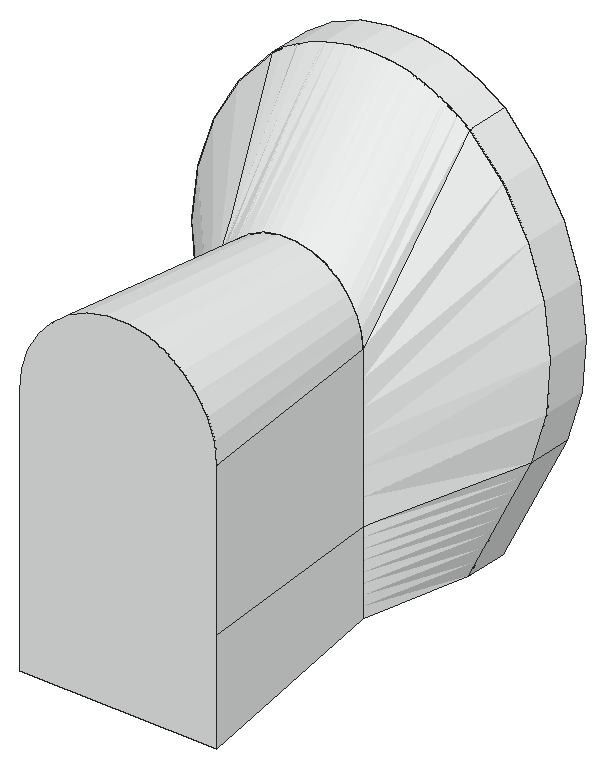
Revit family "Vaso_PNE", category Plumbing Fixtures, host Face, Revit 2020
Family settings
  Host = Face
  Round Connector Dimension = Use Radius
  Part Type = Normal
  Cut with Voids When Loaded = No
  Shared = No
  Room Calculation Point = No
Parameters (values of type "VAS_PNE")
  WFU = 0
  URL = ""
  Raio Água Fria = 20 mm  # constant formula
  Raio Ponto de Esgoto = 50 mm  # constant formula
  Pressão = "2 a 40 mca"  # constant formula
  Model = ""
  Material Bacia = CT_Louças_Sanitárias
  Manufacturer = ""
  Flow Pressure = 0.00 psi
  Diâmetro Água Fria = Raio Água Fria * 2  # 40 mm
  Diâmetro Ponto de Esgoto = Raio Ponto de Esgoto * 2  # 100 mm
  Description = "Descrição do tipo"
  Default Elevation = 0 mm
  Código = ""
  Consumo = "6 lpf"  # constant formula
  CWFU = 0
  Assembly Code = "D2010110"
  Acompanha o Produto = ""
Reference planes
  plane 1 "Center (Front/Back)": y = 0
  plane 2: z = 0
  plane 3 "Center (Left/Right)": x = 0
  plane 4 "Top 2": y = 380
  plane 5 "Front 3": z = 573.75
  plane 6 "Front 1": z = 100
  plane 7 "Left 1": x = -187.322
  plane 8 "Right 1": x = 187.322
  plane 9 "Front 2": z = 260.003
  plane 10 "Top 1": y = 330
Forms (mm)
  Extrusion 1, solid, material "CT_Louças_Sanitárias" <- "Material Bacia", not visible
    sketch origin (0, 0, 122.514) x (1, 0, 0) y (0, 0, 1)
      loop
        circle (0, 137.486) r 50
    from 0 to -5.298
  Extrusion 2, solid, material "CT_Louças_Sanitárias" <- "Material Bacia", not visible
    sketch origin (0, 0, 0) x (1, 0, 0) y (0, 1, 0)
      loop
        circle (0, 330) r 19.05
    from 0 to -7.354
  Blend 3, solid, material "CT_Louças_Sanitárias" <- "Material Bacia"
    base sketch origin (0, 0, 0) x (1, 0, 0) y (0, 0, 1)
      loop
        line (-102.9, 368.106) -> (-102.9, 206.479) -> (-102.9, 106.479) -> (102.9, 106.479) -> (102.9, 212.233) -> (102.9, 370.942)
        arc (102.9, 370.942) -> (-1.398, 471.016) -> (-102.9, 368.106) r 102.919
    top sketch origin (0, 0, 0) x (1, 0, 0) y (0, 0, 1)
      loop
        line (-78.166, 373.106) -> (-78.166, 208.148) -> (-78.166, 122.542) -> (78.166, 122.542) -> (78.166, 208.148) -> (78.166, 373.106)
        arc (78.166, 373.106) -> (0, 451.272) -> (-78.166, 373.106) r 78.166
    from 0 to -220.356
  Blend 4, solid, material "CT_Louças_Sanitárias" <- "Material Bacia"
    base sketch origin (0, 0, 0) x (1, 0, 0) y (0, 0, 1)
      loop
        line (-78.166, 373.106) -> (-78.166, 208.148) -> (-78.166, 122.542) -> (78.166, 122.542) -> (78.166, 208.148) -> (78.166, 373.106)
        arc (78.166, 373.106) -> (0, 451.272) -> (-78.166, 373.106) r 78.166
    top sketch origin (0, 0, 0) x (1, 0, 0) y (0, 0, 1)
      loop
        arc (167.737, 251.688) -> (181.279, 406.351) -> (102.635, 540.212) r 255.054
        arc (102.635, 540.212) -> (0, 576.532) -> (-102.635, 540.212) r 163.175
        arc (-102.635, 540.212) -> (-181.279, 406.351) -> (-167.737, 251.688) r 255.054
        line (-167.737, 251.688) -> (-101.412, 122.542) -> (101.412, 122.542) -> (167.737, 251.688)
    from -220.356 to -329.579
  Extrusion 5, solid, material "CT_Louças_Sanitárias" <- "Material Bacia"
    sketch origin (0, 0, 0) x (1, 0, 0) y (0, 0, 1)
      loop
        arc (-102.635, 540.212) -> (-181.279, 406.351) -> (-167.737, 251.688) r 255.054
        line (-167.737, 251.688) -> (-101.412, 122.542) -> (101.412, 122.542) -> (167.737, 251.688)
        arc (167.737, 251.688) -> (181.279, 406.351) -> (102.635, 540.212) r 255.054
        arc (102.635, 540.212) -> (0, 576.532) -> (-102.635, 540.212) r 163.175
      loop
        arc (-70.243, 502.095) -> (-137.534, 350.065) -> (-70.025, 198.131) r 205.054
        arc (-70.025, 198.131) -> (0, 173.231) -> (70.025, 198.131) r 110.912
        arc (70.025, 198.131) -> (137.534, 350.065) -> (70.243, 502.095) r 205.054
        arc (70.243, 502.095) -> (0, 526.532) -> (-70.243, 502.095) r 113.175
    from -375 to -329.579
Lines and regions (mm)
  Masking region 1
    outline origin (0, 858.346, -21.126) x (0, 1, 0) y (0, 0, 1)
      loop
        arc (-646.235, 494.127) -> (-676.865, 475.541) -> (-712.546, 472.297) r 79.476
        line (-712.546, 472.297) -> (-853.719, 491.713)
        arc (-853.719, 491.713) -> (-856.668, 491.001) -> (-858.346, 488.473) r 4.154
        line (-858.346, 488.473) -> (-858.346, 128.473)
        arc (-858.346, 128.473) -> (-857.318, 125.991) -> (-854.835, 124.962) r 3.511
        line (-854.835, 124.962) -> (-679.276, 135.502)
        arc (-679.276, 135.502) -> (-658.714, 139.719) -> (-640.163, 149.54) r 74
        arc (-640.163, 149.54) -> (-637.452, 150.916) -> (-634.452, 151.415) r 10.004
        line (-634.452, 151.415) -> (-565.007, 151.415)
        arc (-565.007, 151.415) -> (-564.686, 148.634) -> (-562.211, 147.328) r 3
        line (-562.211, 147.328) -> (-481.196, 147.328)
        arc (-481.196, 147.328) -> (-479.181, 148.163) -> (-478.346, 150.178) r 2.85
        line (-478.346, 150.178) -> (-478.346, 593.057)
        arc (-478.346, 593.057) -> (-479.254, 595.249) -> (-481.445, 596.156) r 3.099
        arc (-481.445, 596.156) -> (-572.237, 558.703) -> (-646.235, 494.127) r 302.364
  Masking region 2
    outline origin (-747.05, -8.528, 0) x (1, 0, 0) y (0, 1, 0)
      loop
        line (647.88, 8.528) -> (747.05, 8.528) -> (846.22, 8.528)
        arc (846.22, 8.528) -> (849.234, 10.17) -> (849.811, 13.554) r 3.933
        line (849.811, 13.554) -> (847.538, 29.616) -> (845.915, 34.925) -> (825.517, 179.067)
        arc (825.517, 179.067) -> (826.577, 196.52) -> (834.386, 212.165) r 43.751
        arc (834.386, 212.165) -> (896.668, 291.728) -> (934.586, 385.383) r 362.734
        arc (934.586, 385.383) -> (933.814, 387.46) -> (931.872, 388.528) r 3.179
        line (931.872, 388.528) -> (747.05, 388.528) -> (562.228, 388.528)
        arc (562.228, 388.528) -> (560.286, 387.46) -> (559.514, 385.383) r 3.179
        arc (559.514, 385.383) -> (597.433, 291.728) -> (659.714, 212.165) r 362.734
        arc (659.714, 212.165) -> (667.524, 196.52) -> (668.583, 179.067) r 43.751
        line (668.583, 179.067) -> (648.185, 34.925) -> (646.562, 29.616) -> (644.289, 13.554)
        arc (644.289, 13.554) -> (644.866, 10.17) -> (647.88, 8.528) r 3.933
  Masking region 3
    outline origin (0, 330, 0) x (-1, 0, 0) y (0, 0, 1)
      loop
        arc (107.126, 133.655) -> (146.468, 206.339) -> (176.858, 283.196) r 691.544
        arc (176.858, 283.196) -> (188.038, 353.196) -> (176.858, 423.196) r 224.734
        arc (176.858, 423.196) -> (142.268, 490.784) -> (88.572, 544.462) r 243.914
        arc (88.572, 544.462) -> (2.006, 573.263) -> (-85.302, 546.795) r 150.581
        arc (-85.302, 546.795) -> (-141.074, 492.401) -> (-176.851, 423.196) r 243.914
        arc (-176.851, 423.196) -> (-188.031, 353.196) -> (-176.851, 283.196) r 224.734
        arc (-176.851, 283.196) -> (-146.461, 206.339) -> (-107.119, 133.655) r 691.544
        arc (-107.119, 133.655) -> (-96.974, 125.83) -> (-84.578, 122.59) r 32.133
        line (-84.578, 122.59) -> (-74.586, 122.59)
        arc (-74.586, 122.59) -> (-62.545, 110.932) -> (-47.022, 104.614) r 44.069
        arc (-47.022, 104.614) -> (0.003, 100.008) -> (47.029, 104.613) r 242.379
        arc (47.029, 104.613) -> (62.552, 110.932) -> (74.594, 122.59) r 44.069
        line (74.594, 122.59) -> (81.058, 122.59)
        arc (81.058, 122.59) -> (95.377, 125.096) -> (107.126, 133.655) r 32.133
  symbolic lines
    curve 1: arc (-24.727, 0, 103.174) -> (-35.584, 0, 109.273) -> (-39.889, 0, 120.957) r 18.01
    curve 2: arc (24.991, 0, 103.174) -> (0.132, 0, 101.197) -> (-24.727, 0, 103.174) r 157.242
    curve 3: arc (40.154, 0, 120.957) -> (35.849, 0, 109.273) -> (24.991, 0, 103.174) r 18.01
    curve 4: line (-74.458, 0, 122.542) -> (74.54, 0, 122.542)
    curve 5: line (-39.889, 0, 120.957) -> (-39.889, 0, 122.542)
    curve 6: line (40.154, 0, 120.957) -> (40.154, 0, 122.542)
    curve 7: arc (0, 367, 126.078) -> (0, 364.879, 126.957) -> (0, 364, 129.078) r 3
    curve 8: line (0, 364, 220.731) -> (0, 364, 129.078)
    curve 9: line (0, 294.127, 196.205) -> (0, 294.127, 145.111)
    curve 10: line (0, 294.127, 145.111) -> (0, 234.854, 145.111)
    curve 11: arc (0, 248.635, 188.119) -> (0, 245.106, 165.538) -> (0, 234.854, 145.111) r 74
    curve 12: arc (0, 225.89, 241.495) -> (0, 242.712, 217.129) -> (0, 248.635, 188.119) r 74
    curve 13: line (0, 267.161, 221.081) -> (0, 294.127, 196.205)
    curve 14: arc (0, 234.372, 231.794) -> (0, 195.251, 269.713) -> (0, 153.45, 304.656) r 741.271
    curve 15: arc (0, 153.45, 304.656) -> (0, 152.939, 307.258) -> (0, 155.448, 308.117) r 2.016
    curve 16: arc (0, 155.448, 308.117) -> (0, 213.117, 266.925) -> (0, 267.161, 221.081) r 851.615
    curve 17: arc (0, 155.448, 308.117) -> (0, 145.743, 312.555) -> (0, 135.161, 313.934) r 35.78
    curve 18: arc (0, 135.161, 313.934) -> (0, 104.536, 314.293) -> (0, 74.206, 310.036) r 202.747
    curve 19: line (0, 74.206, 310.036) -> (0, 29.316, 306.896)
    curve 20: line (0, 29.316, 306.896) -> (0, 29.316, 205.995)
    curve 21: arc (0, 29.316, 205.995) -> (0, 34.972, 182.434) -> (0, 50.709, 164.008) r 51.899
    curve 22: arc (0, 50.709, 164.008) -> (0, 71.476, 152.018) -> (0, 94.282, 144.608) r 114.704
    curve 23: arc (0, 94.282, 144.608) -> (0, 67.619, 151.774) -> (0, 44.453, 166.794) r 88.677
    curve 24: arc (0, 44.453, 166.794) -> (0, 30.469, 186.01) -> (0, 25.545, 209.26) r 56.947
    curve 25: line (0, 25.545, 209.26) -> (0, 25.545, 331.649)
    curve 26: line (0, 173.526, 192.687) -> (0, 99.932, 254.275)
    curve 27: arc (0, 99.932, 254.275) -> (0, 77.982, 279.119) -> (0, 64.374, 309.348) r 110.677
    curve 28: arc (0, 98.089, 230.708) -> (0, 66.54, 265.51) -> (0, 46.762, 308.116) r 156.231
    curve 29: line (0, 98.089, 230.708) -> (0, 145.351, 192.495)
    curve 30: arc (0, 145.351, 192.495) -> (0, 157.169, 185.948) -> (0, 170.512, 183.825) r 39.009
    curve 31: arc (0, 170.512, 183.825) -> (0, 175.056, 187.224) -> (0, 173.526, 192.687) r 5.018
    curve 32: line (0, 25.545, 209.26) -> (0, 25.545, 139.26)
    curve 33: arc (0, 25.545, 139.26) -> (0, 35.002, 116.43) -> (0, 57.832, 106.973) r 32.286
    curve 34: arc (-45.953, 170.56, 0) -> (0.012, 164.446, 0) -> (45.976, 170.56, 0) r 175.828
Dimensions and locks
  plane 4 "Top 2" to plane 1 "Center (Front/Back)" = 380 mm
  plane 5 "Front 3" to plane 2 = 573.75 mm
  plane 1 "Center (Front/Back)" to plane 4 "Top 2" = 380 mm
  plane 5 "Front 3" to plane 6 "Front 1" to host face = 473.75 mm, 100 mm  (x2)
  plane 5 "Front 3" to host face = 573.75 mm
  plane 7 "Left 1" to plane 8 "Right 1" = 374.644 mm  (x2)
  aligned and locked: host face to plane 2
  aligned and locked: level to host face
Connectors
  piping at (0, 0, 260), diameter 100, driven by "Raio Ponto de Esgoto", driven by "WFU"
    settings: on Extrusion 1, index 1, connector inside diameter 3.93701", connector length 0 mm, flow factor 0, pipe flow 0 GPM, pressure drop 0.00 psi, fitting loss kfactor 0, connector angle 0.00°, fixture units 0, engagement length 0 mm, angle of deflection 0.00°, flow configuration 3, flow direction 2, fitting loss method 0, system type 16, joint type 0, gender type 0, connector reference index -1, connector utility 0, adjustable connector no, is connector primary yes, connector description ""
  piping at (0, 330, 0), diameter 40, driven by "Raio Água Fria", driven by "Flow Pressure", driven by "CWFU"
    settings: on Extrusion 2, index 2, connector inside diameter 1.5748", connector length 0 mm, flow factor 0, pipe flow 0 GPM, pressure drop 0.00 psi, fitting loss kfactor 0, connector angle 0.00°, fixture units 0, engagement length 0 mm, angle of deflection 0.00°, flow configuration 3, flow direction 1, fitting loss method 4, system type 20, joint type 0, gender type 0, connector reference index -1, connector utility 0, adjustable connector no, is connector primary no, connector description ""
